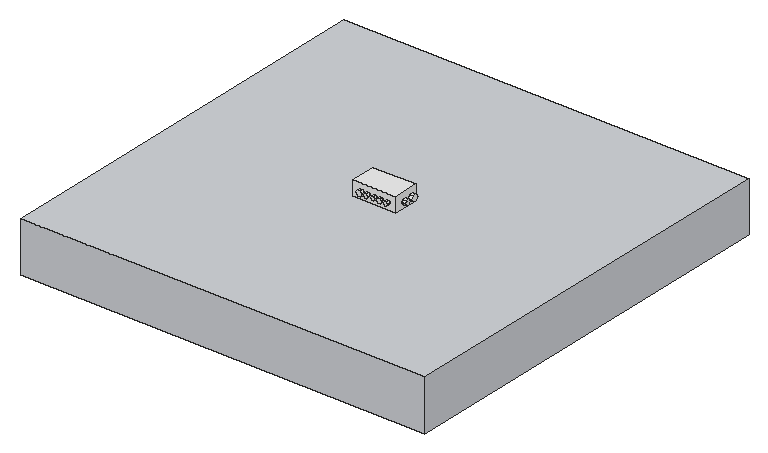
Revit family "Unidad de evaluacion D_List_Aguilera Electronica", category Equipos eléctricos, Revit 2019
Family settings
  Anfitrión = Cara
  Configuración de panel = Una columna
  Cota de conector redondo = Diámetro de uso
  Tipo de pieza = Cuadro de control
  Número OmniClass = 23.85.30.21.11.14
  Título OmniClass = Alarm Panels
  Corte con vacíos al cargar = No
  Compartido = No
  Punto de cálculo de habitación = No
Parameters (values of type "Unidad de evaluación D-List")
  Voltaje = "2,7 W"
  URL = "https://aguilera.es/?productos=unidad-de-evaluacion-scu800con-3-reles"
  Símbolo texto modelo = yes
  Símbolo = yes
  Modelo = "AECS/DLIST"
  Fondo = 90 mm  # constant formula
  Fabricante = "Aguilera Electrónica"  # constant formula
  Elevación por defecto = 1200 mm
  Descripción = "Unidad de evaluación y control de las temperaturas medidas por los cables sensores SEC15 y/o por los sensores externos ESD. Dispone de 2 puertos para 2 líneas de cables sensor de hasta 350m cada una (según configuraciones).\r\nEl disparo de la alarma se realiza en función de los datos medidos en uno o varios sensores por temperatura diferencial o por temperatura máxima. Incorpora algoritmos inteligentes de evaluación para la exclusión de falsas alarmas.\r\nLa alarma se señaliza tanto ópticamente en el frontal, leds de alarma y avería, como por relés libres de tensión, por cada puerto, así como 2 salidas ópticas para conexión de sirenas, dispositivos acústicos\r\nluminosos o similares.\r\nAmpliación de relés mediante tarjeta AECS/DLISTR835.\r\nDispone de 4 entradas programables para la programación de funciones especiales como modo día/noche, desactivación del modo diferencial y detección por coincidencia.\r\nPuertos de comunicaciones RS232, RS485. Conexión USB y Ethernet. Protocolo ModBus RTU y TCP/IP incorporado.\r\nLa unidad está certificada por VdS según norma EN 54-22\r\nAlimentación +10,5Vcc … +30 Vcc.\r\nPotencia máxima 4,4 W\r\nConsumo máximo 150 mA\r\nDimensiones 290 X 177 X 91 mm.\r\nPeso 1.95kg\r\nTemperatura de servicio: -25ºC … +70ºC\r\nEnvolvente de aluminio pintada en color RAL 7035. Protección: IP 65"  # constant formula
  Assembly Code = ""
  Comentarios de tipo = "Evaluación de temperaturas medidas por los cables sensores SEC15 y/o por los sensores externos ESD-A5\r\nDos entradas para los cables sensores A / B\r\nDisparo de alarma por temperatura diferencial y máxima\r\nParámetros de respuesta conforme a la EN 54-22, certificado por VdS Schadenverhütung GmbH, VdS Nr. G 221004, grupo medioambiental III\r\n1. como detector de calor de tipo lineal no integrado: A1N, A2N, BN, CN\r\n2. como detector de calor de tipo lineal integrado: A1I, A2I, BI, CI (solicitada a la VdS Schadenverhütung GmbH)\r\nExclusión de falsas alarmas mediante algoritmos inteligentes de evaluación\r\nLarga vida útil gracias a la utilización de componentes sin mantenimiento conforme a la RoHS\r\nSeñalización de alarmas por LEDs en el panel frontal\r\nMuy bajo consumo energético\r\nHasta 32 zonas programables de 255 posibles, para el reenvío de mensajes de alarma y fallos a los sistemas superiores mediante protocolo\r\nTipo AECS/DLIST: Alarma de incendio común y relé de fallo común por cada puerto de cable sensor A / B\r\nTipo AECS/DLIST + Tarjeta relés REL 835: 16 zonas relés, libremente programable para alarmas de incendio, averías o preseñales por sección de cable sensor\r\nconfigurada.\r\nSalidas de relés configurables con resistencia de bucle de circuito cerrado\r\nJunta de la tapa aprobada contra EMC\r\nPrensaestopas métricos de poliamida con juntas tóricas NBR y sellado con forma"  # constant formula
  Ancho = 260 mm  # constant formula
  Alto = 150 mm  # constant formula
Reference planes
  plane 1 "Centro (Frontal/Posterior)": y = 0
  plane 2: z = 0
  plane 3 "Centro (Izquierda/Derecha)": x = 0
  plane 4: y = 75
  plane 5: y = -75
  plane 6: x = -130
  plane 7: x = 130
  plane 8: x = -121
  plane 9: x = 121
  plane 10: y = -97.5
  plane 11: y = -81.5
  plane 12: x = 159.5
Forms (mm)
  Extrusion 1, solid
    sketch origin (0, 0, 0) x (1, 0, 0) y (0, 1, 0)
      loop
        line (-1219.2, 1219.2) -> (-1219.2, -1219.2) -> (1219.2, -1219.2) -> (1219.2, 1219.2) -> (-1219.2, 1219.2)
    from 0 to -304.8
  Extrusion 2, solid, material "Carcasa gris", detail levels medium+fine
    sketch origin (0, 0, 0) x (1, 0, 0) y (0, 1, 0)
      loop
        line (-130, -75) -> (130, -75) -> (130, 75) -> (-130, 75) -> (-130, -75)
    from 0 to 90
  Extrusion 3, solid, material "Carcasa gris", detail levels medium+fine
    sketch origin (0, 30, 0) x (0, 1, 0) y (0, 0, 1)
      loop
        line (-20, 45) -> (-10, 27.679) -> (10, 27.679) -> (20, 45) -> (10, 62.321) -> (-10, 62.321) -> (-20, 45)
    from 159.445 to 139.469
  Extrusion 4, solid, material "Carcasa gris", detail levels medium+fine
    sketch origin (0, -24.123, 0) x (0, 1, 0) y (0, 0, -1)
      loop
        line (8.103, -59.717) -> (16.763, -44.717) -> (8.103, -29.717) -> (-7.777, -29.717) -> (-16.437, -44.717) -> (-7.777, -59.717) -> (8.103, -59.717)
    from -159.445 to -143.5
  Extrusion 5, solid, material "Carcasa gris", detail levels medium+fine
    sketch origin (-280, -81.5, 1219.2) x (-1, 0, 0) y (0, 0, -1)
      loop
        line (-371.821, 1162.2) -> (-359.277, 1162.2) -> (-352.349, 1174.2) -> (-359.277, 1186.2) -> (-371.821, 1186.2) -> (-378.749, 1174.2) -> (-371.821, 1162.2)
    from 0 to 13
  Extrusion 6, solid, material "Carcasa gris", detail levels medium+fine
    sketch origin (-280, -81.5, 1219.2) x (-1, 0, 0) y (0, 0, -1)
      loop
        line (-331.821, 1162.2) -> (-319.277, 1162.2) -> (-312.349, 1174.2) -> (-319.277, 1186.2) -> (-331.821, 1186.2) -> (-338.749, 1174.2) -> (-331.821, 1162.2)
    from 0 to 13
  Extrusion 7, solid, material "Carcasa gris", detail levels medium+fine
    sketch origin (-280, -81.5, 1219.2) x (-1, 0, 0) y (0, 0, -1)
      loop
        line (-291.821, 1162.2) -> (-279.277, 1162.2) -> (-272.349, 1174.2) -> (-279.277, 1186.2) -> (-291.821, 1186.2) -> (-298.749, 1174.2) -> (-291.821, 1162.2)
    from 0 to 13
  Extrusion 8, solid, material "Carcasa gris", detail levels medium+fine
    sketch origin (-280, -81.5, 1219.2) x (-1, 0, 0) y (0, 0, -1)
      loop
        line (-251.821, 1162.2) -> (-239.277, 1162.2) -> (-232.349, 1174.2) -> (-239.277, 1186.2) -> (-251.821, 1186.2) -> (-258.749, 1174.2) -> (-251.821, 1162.2)
    from 0 to 13
  Extrusion 9, solid, material "Carcasa gris", detail levels medium+fine
    sketch origin (-280, -81.5, 1219.2) x (-1, 0, 0) y (0, 0, -1)
      loop
        line (-213.489, 1159.2) -> (-197.609, 1159.2) -> (-188.949, 1174.2) -> (-197.609, 1189.2) -> (-213.489, 1189.2) -> (-222.149, 1174.2) -> (-213.489, 1159.2)
    from 0 to 16
  Extrusion 10, solid, material "Carcasa gris", detail levels medium+fine
    sketch origin (-280, -75, 1219.2) x (-1, 0, 0) y (0, 0, -1)
      loop
        circle (-365.549, 1174.2) r 8
      loop
        circle (-325.549, 1174.2) r 8
      loop
        circle (-285.549, 1174.2) r 8
      loop
        circle (-245.549, 1174.2) r 8
      loop
        circle (-205.549, 1174.2) r 10
    from 0 to 6.5
  Extrusion 11, solid, material "Carcasa gris", detail levels fine
    sketch origin (0, 0, 0) x (0, 1, 0) y (0, 0, 1)
      loop
        circle (30, 45) r 12.5
      loop
        circle (-23.96, 44.717) r 10
    from 130 to 143.5
Lines and regions (mm)
  model lines, detail levels coarse
    curve 1: line (121, 35, 0) -> (121, -35, 0)
Dimensions and locks
  equal spacing: plane 5, plane 1 "Centro (Frontal/Posterior)", plane 4
  "Alto": plane 5 to plane 4
  equal spacing: plane 6, plane 3 "Centro (Izquierda/Derecha)", plane 7
  "Ancho": plane 6 to plane 7
  equal spacing: plane 8, plane 3 "Centro (Izquierda/Derecha)", plane 9, locked at 121 each
  aligned and locked: plane 2 to Extrusion 1
  aligned and locked: level to Extrusion 1
  aligned and locked: plane 5 to Extrusion 2 sketch curve
  aligned and locked: Extrusion 2 sketch curve to plane 6
  aligned and locked: plane 4 to Extrusion 2 sketch curve
  aligned and locked: Extrusion 2 sketch curve to plane 7
  aligned and locked: Extrusion 4 to Extrusion 3
  aligned and locked: Extrusion 10 to Extrusion 5
Automatic sketch dimensions
  curve 1 to plane 9 = 0 mm
  plane 1 "Centro (Frontal/Posterior)" to curve 1 = 35 mm
  curve 1 to plane 1 "Centro (Frontal/Posterior)" = 35 mm
  Extrusion 1 sketch curve to Extrusion 1 sketch curve = 2438.4 mm  (x2)
  plane 3 "Centro (Izquierda/Derecha)" to Extrusion 9 sketch curve = 57.851 mm
  Extrusion 9 sketch curve to Extrusion 9 sketch curve = 8.66 mm  (x3)
  Extrusion 9 sketch curve to Extrusion 9 sketch curve = 15.879 mm  (x2)
  Extrusion 9 sketch curve to level = 30 mm
  Extrusion 9 sketch curve to Extrusion 9 sketch curve = 15 mm  (x3)
  Extrusion 5 sketch curve to plane 9 = 22.251 mm
  Extrusion 5 sketch curve to Extrusion 5 sketch curve = 6.928 mm  (x3)
  Extrusion 5 sketch curve to Extrusion 5 sketch curve = 12.544 mm  (x2)
  Extrusion 5 sketch curve to level = 33 mm
  Extrusion 5 sketch curve to Extrusion 5 sketch curve = 12 mm  (x3)
  Extrusion 6 sketch curve to plane 3 "Centro (Izquierda/Derecha)" = 58.749 mm
  Extrusion 6 sketch curve to Extrusion 6 sketch curve = 6.928 mm  (x3)
  Extrusion 6 sketch curve to Extrusion 6 sketch curve = 12.544 mm  (x2)
  Extrusion 6 sketch curve to level = 33 mm
  Extrusion 6 sketch curve to Extrusion 6 sketch curve = 12 mm  (x3)
  Extrusion 7 sketch curve to plane 3 "Centro (Izquierda/Derecha)" = 18.749 mm
  Extrusion 7 sketch curve to plane 3 "Centro (Izquierda/Derecha)" = 11.821 mm  (x2)
  plane 3 "Centro (Izquierda/Derecha)" to Extrusion 7 sketch curve = 0.723 mm  (x2)
  plane 3 "Centro (Izquierda/Derecha)" to Extrusion 7 sketch curve = 7.651 mm
  Extrusion 7 sketch curve to level = 33 mm
  Extrusion 7 sketch curve to Extrusion 7 sketch curve = 12 mm  (x3)
  plane 3 "Centro (Izquierda/Derecha)" to Extrusion 8 sketch curve = 21.251 mm
  Extrusion 8 sketch curve to Extrusion 8 sketch curve = 6.928 mm  (x3)
  Extrusion 8 sketch curve to Extrusion 8 sketch curve = 12.544 mm  (x2)
  Extrusion 8 sketch curve to level = 33 mm
  Extrusion 8 sketch curve to Extrusion 8 sketch curve = 12 mm  (x3)
  Extrusion 10 sketch curve to plane 9 = 35.451 mm
  Extrusion 10 sketch curve to Extrusion 10 sketch curve = 40 mm  (x2)
  Extrusion 10 sketch curve to plane 3 "Centro (Izquierda/Derecha)" = 5.549 mm
  plane 3 "Centro (Izquierda/Derecha)" to Extrusion 10 sketch curve = 34.451 mm
  Extrusion 10 sketch curve to level = 45 mm
  Extrusion 10 sketch curve to Extrusion 10 sketch curve = 0 mm  (x4)
  Extrusion 4 sketch curve to plane 5 = 34.44 mm
  Extrusion 4 sketch curve to Extrusion 4 sketch curve = 8.66 mm  (x2)
  Extrusion 4 sketch curve to Extrusion 4 sketch curve = 15.879 mm  (x2)
  plane 1 "Centro (Frontal/Posterior)" to Extrusion 4 sketch curve = 7.36 mm
  level to Extrusion 4 sketch curve = 59.717 mm
  Extrusion 4 sketch curve to Extrusion 4 sketch curve = 15 mm  (x3)
  Extrusion 3 sketch curve to Extrusion 3 sketch curve = 10 mm  (x3)
  Extrusion 3 sketch curve to Extrusion 3 sketch curve = 20 mm  (x2)
  level to Extrusion 3 sketch curve = 27.679 mm
  Extrusion 3 sketch curve to plane 1 "Centro (Frontal/Posterior)" = 10 mm
  Extrusion 3 sketch curve to Extrusion 3 sketch curve = 17.321 mm  (x3)
  Extrusion 11 sketch curve to plane 5 = 51.04 mm
  Extrusion 11 sketch curve to plane 1 "Centro (Frontal/Posterior)" = 30 mm
  level to Extrusion 11 sketch curve = 44.717 mm
  level to Extrusion 11 sketch curve = 45 mm
  radius of Extrusion 10 sketch curve = 8 mm  (x4)
  radius of Extrusion 10 sketch curve = 10 mm
  radius of Extrusion 11 sketch curve = 12.5 mm
  radius of Extrusion 11 sketch curve = 10 mm
Nested families
  nested 1: "S_Unidad de control reles_Aguilera Electronica" at (0, 0, 0), visible <- "Símbolo", type "S_Unidad de control reles_Aguilera Electronica", detail levels coarse
Connectors
  electrical at (0, 0, 0), driven by "Modelo"
    settings: on Extrusion 2, index 1, voltage 230 V, apparent load 2.7 VA, apparent load phase1 0 VA, apparent load phase2 0 VA, apparent load phase3 0 VA, power factor 1, load classification "Otro", number of poles 1, system type 11, power factor state 1, is connector primary yes, connector utility no, sub classification motor no, connector description "AECS/DLIST"
  cabletrayconduit at (159.445, -23.96, 44.717), diameter 20, driven by "Modelo"
    settings: on Extrusion 4, index 2, connector width 300 mm, connector height 300 mm, connector angle 0.00°, system type 32, placement type 0, profile type 0, connector reference index -1, is primary connector yes, connector utility param no, connector description "AECS/DLIST"
  cabletrayconduit at (159.445, 30, 45), diameter 25, driven by "Modelo"
    settings: on Extrusion 3, index 7, connector width 300 mm, connector height 300 mm, connector angle 0.00°, system type 32, placement type 0, profile type 0, connector reference index -1, is primary connector no, connector utility param no, connector description "AECS/DLIST"
  cabletrayconduit at (85.549, -94.5, 45), diameter 16, driven by "Modelo"
    settings: on Extrusion 5, index 9, connector width 300 mm, connector height 300 mm, connector angle 0.00°, system type 32, placement type 0, profile type 0, connector reference index -1, is primary connector no, connector utility param no, connector description "AECS/DLIST"
  cabletrayconduit at (45.549, -94.5, 45), diameter 16, driven by "Modelo"
    settings: on Extrusion 6, index 10, connector width 300 mm, connector height 300 mm, connector angle 0.00°, system type 32, placement type 0, profile type 0, connector reference index -1, is primary connector no, connector utility param no, connector description "AECS/DLIST"
  cabletrayconduit at (5.549, -94.5, 45), diameter 16, driven by "Modelo"
    settings: on Extrusion 7, index 11, connector width 300 mm, connector height 300 mm, connector angle 0.00°, system type 32, placement type 0, profile type 0, connector reference index -1, is primary connector no, connector utility param no, connector description "AECS/DLIST"
  cabletrayconduit at (-34.451, -94.5, 45), diameter 16, driven by "Modelo"
    settings: on Extrusion 8, index 12, connector width 300 mm, connector height 300 mm, connector angle 0.00°, system type 32, placement type 0, profile type 0, connector reference index -1, is primary connector no, connector utility param no, connector description "AECS/DLIST"
  cabletrayconduit at (-74.451, -97.5, 45), diameter 20, driven by "Modelo"
    settings: on Extrusion 9, index 13, connector width 300 mm, connector height 300 mm, connector angle 0.00°, system type 32, placement type 0, profile type 0, connector reference index -1, is primary connector no, connector utility param no, connector description "AECS/DLIST"
Definition of nested family "S_Unidad de control reles_Aguilera Electronica"
  Parameters (values of type "S_Unidad de control reles_Aguilera Electronica")
    Texto símbolo = "Unidad control"
    Texto modelo = yes
    Modelo = "AECS/800-16"
  Reference planes
    plane 1: y = 0
    plane 2: x = 0
  Lines and regions (mm)
    detail lines
      curve 1: line (-6.104, -5.498, 0) -> (6.104, -5.498, 0)
      curve 2: line (-6.104, 5.498, 0) -> (-6.104, -5.498, 0)
      curve 3: line (6.104, 5.498, 0) -> (-6.104, 5.498, 0)
      curve 4: line (6.104, -5.498, 0) -> (6.104, 5.498, 0)
  Text (mm)
    label "Texto símbolo" at (-0.164, 2.864, 0), shows "Texto símbolo"
    label "Modelo" at (-0.164, -2.652, 0), shows "Modelo", visible <- "Texto modelo"
